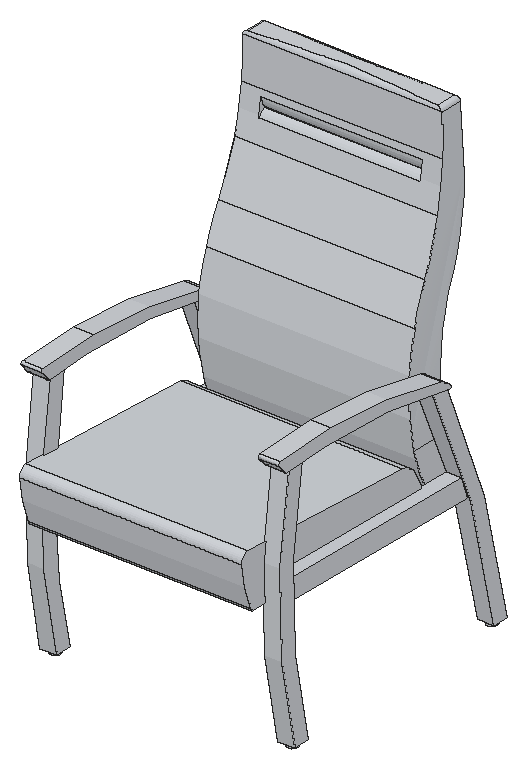
Revit family "Seat-LaZBoy-Koncert_Wood_Visitor-KOW10H", category Furniture, Revit 2017
Family settings
  OmniClass Number = 23.40.20.00
  Work Plane-Based = No
  Always vertical = Yes
  Cut with Voids When Loaded = No
  Shared = No
  Room Calculation Point = No
Parameters (values of type "Urethane Arm Caps")
  Width = 24.50"  # constant formula
  URL = "https://www.la-z-boy.com/"
  Seat Material [instance] = none
  Product Documentation Link = "URL"
  Model = "KOW10HU"
  Manufacturer = "LaZBoy"
  Height = 45.00"  # constant formula
  Description = "Lounge High Back Chair with Urethane Arm Caps"
  Depth = 29.50"  # constant formula
  Copyright © = "Inc"
  Back Material [instance] = none
  Assembly Code = "E2020200"
  Armcap Material [instance] = none
  Arm Material [instance] = none
Types (2): name | Model | Description
  Wood Arm Caps | "KOW10H" | "Lounge High Back Chair with Wood Arm Caps"
  Urethane Arm Caps | "KOW10HU" | "Lounge High Back Chair with Urethane Arm Caps"
Reference planes (in)
  plane 1 "Center (Front/Back)": y = 0
  plane 2: z = 0
  plane 3 "Center (Left/Right)": x = 0
  plane 4: y = -14.75
  plane 5: x = 12.25
  plane 6: x = -12.25
  plane 7: y = 14.75
  plane 8 "Backrest": y = 11.65
  plane 9: x = -10.54687
  plane 10: x = 10.54687
  plane 11: z = 45
  plane 12: z = 45
Forms (in)
  Extrusion 1, solid, material <- "Seat Material"
    sketch origin (0, 0, 0) x (0, 1, 0) y (0, 0, 1)
      loop
        line (-11.58915, 13.13496) -> (5.41112, 13.15365)
        arc (5.41112, 13.15365) -> (6.11752, 13.44693) -> (6.41002, 14.15365) r 1
        line (6.41002, 14.15365) -> (6.41002, 14.73145)
        arc (6.41002, 14.73145) -> (6.39539, 14.89442) -> (6.33835, 15.04779) r 0.61599
        line (6.33835, 15.04779) -> (5.75093, 16.15116)
        arc (5.75093, 16.15116) -> (5.17297, 16.80408) -> (4.36175, 17.12388) r 1.86969
        arc (4.36175, 17.12388) -> (-4.82518, 18.03461) -> (-14.05595, 18.18337) r 111.66931
        arc (-14.05595, 18.18337) -> (-14.60321, 17.92548) -> (-14.78207, 17.34754) r 0.75
        arc (-14.78207, 17.34754) -> (-14.39179, 15.18523) -> (-13.73053, 13.08985) r 17.29656
        arc (-13.73053, 13.08985) -> (-13.58361, 12.90425) -> (-13.35749, 12.83421) r 0.4
        line (-13.35749, 12.83421) -> (-11.58915, 12.83421) -> (-11.58915, 13.13496)
    from -10.54687 to 10.54687
  Extrusion 2, void
    sketch origin (0, 0, 0) x (1, 0, 0) y (0, 0, 1)
      loop
        line (-10.04687, 10.55981) -> (-10.04687, 17.53949)
        spline (-10.04687, 17.53949) -> (-10.04351, 18.85871) -> (-10.03308, 20.18869) -> (-10.01511, 21.57627) -> (-9.98909, 23.06832) -> (-9.95455, 24.71167) -> (-9.911, 26.55318) -> (-9.85794, 28.63971) -> (-9.79488, 31.01809) -> (-9.72134, 33.73519) -> (-9.63683, 36.83785) -> (-9.54086, 40.37292) -> (-9.43293, 44.38726)
        arc (-9.43293, 44.38726) -> (-9.30327, 44.70029) -> (-8.99023, 44.82995) r 0.4427
        arc (-8.99023, 44.82995) -> (0, 45) -> (8.99023, 44.82995) r 237.73778
        arc (8.99023, 44.82995) -> (9.30327, 44.70029) -> (9.43293, 44.38726) r 0.4427
        spline (9.43293, 44.38726) -> (9.54086, 40.37292) -> (9.63683, 36.83785) -> (9.72134, 33.73519) -> (9.79488, 31.01809) -> (9.85794, 28.63971) -> (9.911, 26.55318) -> (9.95455, 24.71167) -> (9.98909, 23.06832) -> (10.01511, 21.57627) -> (10.03308, 20.18869) -> (10.04351, 18.85871) -> (10.04687, 17.53949)
        line (10.04687, 17.53949) -> (10.04687, 10.8892) -> (18, 10.8892) -> (18, 51.79727) -> (-18.375, 51.79727) -> (-18.375, 10.55981) -> (-10.04687, 10.55981)
    from -17.49229 to 0
  Extrusion 3, solid, material <- "Back Material"
    sketch origin (0, 0, 0) x (0, 1, 0) y (0, 0, 1)
      loop
        line (12.00391, 45) -> (10.79614, 45)
        arc (10.79614, 45) -> (10.43411, 44.84487) -> (10.29673, 44.47574) r 0.5
        arc (10.29673, 44.47574) -> (10.34492, 42.47475) -> (10.29524, 40.4738) r 40.93344
        arc (10.29524, 40.4738) -> (10.06317, 38.23251) -> (9.59129, 36.0292) r 20.91149
        arc (9.59129, 36.0292) -> (8.83107, 33.64217) -> (7.86661, 31.33011) r 28.84547
        arc (7.86661, 31.33011) -> (7.13152, 29.60388) -> (6.52273, 27.82918) r 26.02244
        arc (6.52273, 27.82918) -> (5.77742, 20.41923) -> (7.89324, 13.27877) r 19.29952
        arc (7.89324, 13.27877) -> (8.2614, 12.88703) -> (8.7792, 12.74253) r 1
        line (8.7792, 12.74253) -> (11.19016, 12.74253)
        arc (11.19016, 12.74253) -> (11.39443, 12.84841) -> (11.42568, 13.07636) r 0.25
        arc (11.42568, 13.07636) -> (10.1257, 16.56793) -> (9.45882, 20.23349) r 21.14135
        arc (9.45882, 20.23349) -> (9.63897, 25.50399) -> (11.12654, 30.56341) r 20.9992
        arc (11.12654, 30.56341) -> (12.2995, 34.23341) -> (12.70067, 38.06536) r 18.82453
        arc (12.70067, 38.06536) -> (12.65413, 41.30001) -> (12.50292, 44.53145) r 99.94547
        arc (12.50292, 44.53145) -> (12.34616, 44.8645) -> (12.00391, 45) r 0.5
    from -16.75 to 16.75
  Extrusion 4, void
    sketch origin (0, 0, 0) x (0, 1, 0) y (0, 0, 1)
      loop
        line (10.6419, 38.7272) -> (10.6419, 38.7776)
        arc (10.6419, 38.7776) -> (10.31024, 39.40498) -> (10.25868, 40.11274) r 1.72819
        line (10.25868, 40.11274) -> (9.6641, 40.27206) -> (9.21095, 37.94273) -> (9.9533, 37.79831)
        arc (9.9533, 37.79831) -> (10.20244, 38.3333) -> (10.6419, 38.7272) r 1.4701
    from -7.67351 to 7.67351
Cuts and joins
  Extrusion 2, Extrusion 4 cuts Extrusion 3
Lines and regions (in)
  Masking region 1
    outline origin (4.51563, 0, 0) x (1, 0, 0) y (0, 1, 0)
      loop
        line (-15.0625, 6.41458) -> (-15.0625, -14.23035)
        arc (-15.0625, -14.23035) -> (-14.9103, -14.5978) -> (-14.54285, -14.75) r 0.51965
        line (-14.54285, -14.75) -> (5.5116, -14.75)
        arc (5.5116, -14.75) -> (5.87905, -14.5978) -> (6.03125, -14.23035) r 0.51965
        line (6.03125, -14.23035) -> (6.03125, 6.41458)
        arc (6.03125, 6.41458) -> (5.95455, 6.67516) -> (5.74892, 6.85265) r 0.48104
        line (5.74892, 6.85265) -> (5.74892, 10.98963)
        arc (5.74892, 10.98963) -> (5.68842, 11.26707) -> (5.5179, 11.49414) r 0.66639
        arc (5.5179, 11.49414) -> (5.45011, 12.04956) -> (5.35154, 12.60035) r 10.05987
        arc (5.35154, 12.60035) -> (5.30771, 12.67242) -> (5.22822, 12.70067) r 0.12595
        line (5.22822, 12.70067) -> (-14.25947, 12.70067)
        arc (-14.25947, 12.70067) -> (-14.33896, 12.67242) -> (-14.38279, 12.60035) r 0.12595
        arc (-14.38279, 12.60035) -> (-14.48136, 12.04956) -> (-14.54915, 11.49414) r 10.05987
        arc (-14.54915, 11.49414) -> (-14.71967, 11.26707) -> (-14.78017, 10.98963) r 0.66639
        line (-14.78017, 10.98963) -> (-14.78017, 6.85265)
        arc (-14.78017, 6.85265) -> (-14.9858, 6.67516) -> (-15.0625, 6.41458) r 0.48104
  symbolic lines, detail levels medium+fine
    curve 1: line (-10.03352, 11.49414, 0) -> (-10.27138, 6.7154, 0)
    curve 2: line (-9.27262, 5.66569, 0) -> (9.27262, 5.66569, 0)
    curve 3: arc (-10.27138, 6.7154, 0) -> (-9.99709, 5.97638, 0) -> (-9.27262, 5.66569, 0) r 1
    curve 4: line (10.03352, 11.49414, 0) -> (10.27138, 6.7154, 0)
    curve 5: arc (10.27138, 6.7154, 0) -> (9.99709, 5.97638, 0) -> (9.27262, 5.66569, 0) r 1
Dimensions and locks (in)
  equal spacing: plane 6, plane 3 "Center (Left/Right)", plane 5
  "Width": plane 6 to plane 5
  equal spacing: plane 7, plane 1 "Center (Front/Back)", plane 4
  "Depth": plane 4 to plane 7
  plane 6 to plane 9 = 1.70313"
  locked: plane 10 to plane 5 at 1.70313
  locked: plane 8 "Backrest" to plane 7 at 3.1
  plane 11 to plane 2 = 45.00"
  "Height": plane 12 to plane 2
  equal spacing: cut or joined group of Extrusion 2, Extrusion 3, Extrusion 4, plane 3 "Center (Left/Right)", cut or joined group of Extrusion 2, Extrusion 3, Extrusion 4
  aligned and locked: level to plane 2
  aligned and locked: plane 3 "Center (Left/Right)" to nested 1
  aligned and locked: plane 1 "Center (Front/Back)" to nested 1
  aligned and locked: plane 7 to nested 2
  aligned and locked: nested 2 to plane 6
  aligned and locked: plane 5 to nested 3
  aligned and locked: nested 3 to plane 7
  aligned and locked: plane 10 to Extrusion 1
  aligned and locked: plane 9 to Extrusion 1
Automatic sketch dimensions
  Extrusion 1 sketch curve to plane 4 = 0.71298"
  Extrusion 1 sketch curve to plane 4 = 1.39251"
  Extrusion 1 sketch curve to Extrusion 1 sketch curve = 1.76835"
  Extrusion 1 sketch curve to plane 4 = 3.51155"
  Extrusion 1 sketch curve to plane 1 "Center (Front/Back)" = 2.40023"
  Extrusion 1 sketch curve to plane 1 "Center (Front/Back)" = 4.10055"
  Extrusion 1 sketch curve to Extrusion 1 sketch curve = 1.30947"
  Extrusion 1 sketch curve to Extrusion 1 sketch curve = 0.0011"
  Extrusion 1 sketch curve to Extrusion 1 sketch curve = 1.65037"
  Extrusion 1 sketch curve to Extrusion 1 sketch curve = 0.3846"
  Extrusion 1 sketch curve to Extrusion 1 sketch curve = 0.54373"
  Extrusion 1 sketch curve to Extrusion 1 sketch curve = 0.07167"
  Extrusion 1 sketch curve to level = 93.45039"
  level to Extrusion 1 sketch curve = 12.83421"
  Extrusion 1 sketch curve to Extrusion 1 sketch curve = 0.30074"
  level to Extrusion 1 sketch curve = 13.15365"
  Extrusion 1 sketch curve to Extrusion 1 sketch curve = 0.40"
  Extrusion 1 sketch curve to Extrusion 1 sketch curve = 0.5778"
  Extrusion 1 sketch curve to Extrusion 1 sketch curve = 0.02687"
  Extrusion 1 sketch curve to Extrusion 1 sketch curve = 1.11887"
  Extrusion 1 sketch curve to Extrusion 1 sketch curve = 1.10337"
  Extrusion 1 sketch curve to Extrusion 1 sketch curve = 4.1994"
  Extrusion 1 sketch curve to Extrusion 1 sketch curve = 2.20853"
  Extrusion 1 sketch curve to plane 4 = 0.69405"
  Extrusion 1 sketch curve to Extrusion 1 sketch curve = 0.00"  (x2)
  plane 8 "Backrest" to Extrusion 4 sketch curve = 2.43905"
  plane 8 "Backrest" to Extrusion 4 sketch curve = 1.9859"
  Extrusion 4 sketch curve to Extrusion 4 sketch curve = 0.74235"
  Extrusion 4 sketch curve to Extrusion 4 sketch curve = 0.59458"
  plane 8 "Backrest" to Extrusion 4 sketch curve = 1.0081"
  plane 8 "Backrest" to Extrusion 4 sketch curve = 0.26658"
  Extrusion 4 sketch curve to plane 8 "Backrest" = 0.32136"
  Extrusion 4 sketch curve to plane 12 = 7.54218"
  Extrusion 4 sketch curve to Extrusion 4 sketch curve = 0.34049"
  Extrusion 4 sketch curve to Extrusion 4 sketch curve = 0.14442"
  Extrusion 4 sketch curve to Extrusion 4 sketch curve = 0.0504"
  Extrusion 4 sketch curve to Extrusion 4 sketch curve = 1.10415"
  curve 1 to plane 9 = 0.2755"
  curve 3 to curve 3 = 0.99876"
  curve 5 to plane 10 = 1.27426"
  curve 4 to plane 10 = 0.2755"
  curve 2 to plane 1 "Center (Front/Back)" = 5.66569"
  curve 2 to curve 3 = 1.00"
  curve 5 to curve 5 = 1.00"
  plane 8 "Backrest" to curve 1 = 0.15586"
  curve 1 to plane 9 = 0.51335"
  plane 8 "Backrest" to curve 4 = 0.15586"
  curve 4 to plane 10 = 0.51335"
  plane 3 "Center (Left/Right)" to Extrusion 2 sketch curve = 0.00"
  Extrusion 2 sketch curve to plane 11 = 0.61274"  (x2)
  Extrusion 2 sketch curve to plane 9 = 1.55664"
  Extrusion 2 sketch curve to Extrusion 2 sketch curve = 0.4427"
  Extrusion 2 sketch curve to plane 9 = 0.50"
  Extrusion 2 sketch curve to plane 6 = 6.125"
  Extrusion 2 sketch curve to plane 10 = 1.55664"
  Extrusion 2 sketch curve to plane 10 = 0.50"
  Extrusion 2 sketch curve to plane 5 = 5.75"
  level to Extrusion 2 sketch curve = 17.53949"  (x2)
  Extrusion 2 sketch curve to Extrusion 2 sketch curve = 6.65029"
  Extrusion 2 sketch curve to Extrusion 2 sketch curve = 6.97968"
  Extrusion 2 sketch curve to level = 192.73778"
  plane 11 to Extrusion 2 sketch curve = 6.79727"
  Masking region 1 sketch curve to plane 9 = 0.00"
  plane 4 to Masking region 1 sketch curve = 0.00"
  Masking region 1 sketch curve to plane 10 = 0.00"
  Masking region 1 sketch curve to plane 9 = 0.28233"
  Masking region 1 sketch curve to Masking region 1 sketch curve = 0.48104"  (x2)
  Masking region 1 sketch curve to plane 9 = 0.51965"
  Masking region 1 sketch curve to plane 9 = 0.80303"
  Masking region 1 sketch curve to Masking region 1 sketch curve = 0.66639"
  Masking region 1 sketch curve to plane 3 "Center (Left/Right)" = 0.01772"
  plane 3 "Center (Left/Right)" to Masking region 1 sketch curve = 0.01772"
  Masking region 1 sketch curve to plane 10 = 0.94871"
  Masking region 1 sketch curve to plane 10 = 0.80303"
  Masking region 1 sketch curve to Masking region 1 sketch curve = 0.51965"
  Masking region 1 sketch curve to plane 10 = 0.28233"
  plane 8 "Backrest" to Masking region 1 sketch curve = 5.23542"  (x2)
  plane 8 "Backrest" to Masking region 1 sketch curve = 1.09646"
  Masking region 1 sketch curve to Masking region 1 sketch curve = 0.00"  (x2)
  plane 8 "Backrest" to Masking region 1 sketch curve = 0.66037"  (x2)
  Masking region 1 sketch curve to plane 8 "Backrest" = 0.92472"  (x2)
  Masking region 1 sketch curve to Masking region 1 sketch curve = 0.12595"
  plane 8 "Backrest" to Masking region 1 sketch curve = 0.15586"
  Extrusion 3 sketch curve to plane 12 = 0.00"
  Extrusion 3 sketch curve to plane 12 = 6.75519"
  plane 4 to Extrusion 3 sketch curve = 72.49464"
  Extrusion 3 sketch curve to plane 12 = 2.51004"
  plane 4 to Extrusion 3 sketch curve = 15.83851"
  Extrusion 3 sketch curve to plane 12 = 1.41911"
  plane 4 to Extrusion 3 sketch curve = 3.49813"
  Extrusion 3 sketch curve to plane 4 = 4.15914"
  Extrusion 3 sketch curve to Extrusion 3 sketch curve = 4.46704"
  plane 8 "Backrest" to Extrusion 3 sketch curve = 2.8708"
  plane 8 "Backrest" to Extrusion 3 sketch curve = 0.85386"
  plane 8 "Backrest" to Extrusion 3 sketch curve = 0.45984"
  Extrusion 3 sketch curve to plane 8 "Backrest" = 0.35391"
  plane 7 to Extrusion 3 sketch curve = 10.2419"
  Extrusion 3 sketch curve to Extrusion 3 sketch curve = 5.37784"
  Extrusion 3 sketch curve to Extrusion 3 sketch curve = 0.14155"
  Extrusion 3 sketch curve to Extrusion 3 sketch curve = 0.91428"
  Extrusion 3 sketch curve to plane 12 = 6.90084"
  Extrusion 3 sketch curve to Extrusion 3 sketch curve = 0.05894"
  Extrusion 3 sketch curve to Extrusion 3 sketch curve = 0.01302"
  Extrusion 3 sketch curve to Extrusion 3 sketch curve = 1.89184"
  Extrusion 3 sketch curve to Extrusion 3 sketch curve = 0.75"
  Extrusion 3 sketch curve to Extrusion 3 sketch curve = 0.25"
  Extrusion 3 sketch curve to Extrusion 3 sketch curve = 3.40463"
  Extrusion 3 sketch curve to Extrusion 3 sketch curve = 0.50"  (x2)
  plane 8 "Backrest" to Extrusion 3 sketch curve = 5.12727"
  Extrusion 3 sketch curve to Extrusion 3 sketch curve = 0.00"  (x7)
  plane 8 "Backrest" to Extrusion 3 sketch curve = 2.19118"
  plane 8 "Backrest" to Extrusion 3 sketch curve = 0.52346"
  plane 8 "Backrest" to Extrusion 3 sketch curve = 0.22432"
Nested families (in)
  nested 1: "Label 1-16" at (0, 0, 0), type "Center", detail levels fine
    with Offset (LR) 0.00"
  nested 2: "KOW-Leg" at (-11.28125, 0.05146, 0), type "Standard"
  nested 3: "KOW-Leg" at (11.28125, 0.05146, 0) x (-1, 0, 0) z (0, 0, 1), type "Standard"
Definition of nested family "KOW-Leg"
  Parameters (values of type "Standard")
    URL = ""
    Model = ""
    Manufacturer = ""
    Description = ""
    Assembly Code = "E2020200"
    Armcap Material = none
    Arm Material = none
  Reference planes (in)
    plane 1 "Center (Front/Back)": y = 1.07924
    plane 2: z = 0
    plane 3 "Center (Left/Right)": x = 0
    plane 4: y = 14.69854
    plane 5: y = -12.54007
    plane 6: z = 25.86049
    plane 7: x = -0.96875
    plane 8: x = 0.96875
    plane 9: x = 0.79688
    plane 10: x = -0.79688
  Forms (in)
    Extrusion 1, solid, material <- "Arm Material"
      sketch origin (0, -0.01712, 0) x (0, 1, 0) y (0, 0, 1)
        loop
          line (-10.50535, 0.35749) -> (-8.94909, 0.35749)
          arc (-8.94909, 0.35749) -> (-10.78454, 12.3854) -> (-9.65018, 24.49955) r 49.82702
          arc (-9.65018, 24.49955) -> (-10.43254, 24.43703) -> (-11.21378, 24.36181) r 48.33365
          arc (-11.21378, 24.36181) -> (-12.2832, 12.31763) -> (-10.50535, 0.35749) r 51.32702
        loop
          arc (14.71566, 0.35749) -> (12.00755, 11.95163) -> (7.61982, 23.01987) r 80.54342
          arc (7.61982, 23.01987) -> (6.71703, 23.22827) -> (5.81104, 23.42236) r 58.51808
          arc (5.81104, 23.42236) -> (10.40284, 12.17533) -> (13.21695, 0.35749) r 79.04342
          line (13.21695, 0.35749) -> (14.71566, 0.35749)
      from -0.79688 to 0.79687
    Extrusion 2, solid, material <- "Armcap Material"
      sketch origin (0, 0, 0.375) x (0, 1, 0) y (0, 0, 1)
        loop
          arc (7.66409, 22.63051) -> (7.80964, 22.6856) -> (7.81175, 22.84122) r 0.13828
          arc (7.81175, 22.84122) -> (7.34036, 23.33471) -> (6.72628, 23.63245) r 1.9228
          arc (6.72628, 23.63245) -> (0.24776, 24.9923) -> (-6.35354, 25.48549) r 50.06316
          arc (-6.35354, 25.48549) -> (-9.36566, 25.42828) -> (-12.37013, 25.20617) r 54.97787
          arc (-12.37013, 25.20617) -> (-12.528, 25.08725) -> (-12.49582, 24.89224) r 0.19082
          line (-12.49582, 24.89224) -> (-11.72516, 23.99178)
          arc (-11.72516, 23.99178) -> (-11.67245, 23.95421) -> (-11.60829, 23.94571) r 0.13411
          arc (-11.60829, 23.94571) -> (-9.37896, 24.14428) -> (-7.14283, 24.23943) r 48.33365
          arc (-7.14283, 24.23943) -> (0.31203, 23.90797) -> (7.66409, 22.63051) r 58.51808
      from -0.96875 to 0.96875
    Extrusion 3, solid
      sketch origin (0, 0, 0) x (1, 0, 0) y (0, 1, 0)
        loop
          circle (0, 13.96631) r 0.5
        loop
          circle (0, -9.72722) r 0.5
      from 0 to 0.35749
    Extrusion 4, solid, material <- "Arm Material"
      sketch origin (0, 0, 0) x (0, 1, 0) y (0, 0, 1)
        loop
          arc (-10.81215, 14.85479) -> (-10.82265, 13.85461) -> (-10.81307, 12.85441) r 49.82702
          line (-10.81307, 12.85441) -> (10.30377, 12.42911)
          arc (10.30377, 12.42911) -> (9.96838, 13.4385) -> (9.61943, 14.44329) r 79.04342
          line (9.61943, 14.44329) -> (-10.81215, 14.85479)
      from -0.57813 to 0.79687
  Cuts and joins
    joined: Extrusion 1, Extrusion 4
  Lines and regions (in)
    Masking region 1
      outline origin (0, 0, 0) x (1, 0, 0) y (0, 1, 0)
        loop
          arc (-0.96875, -12.44007) -> (-0.93946, -12.51078) -> (-0.86875, -12.54007) r 0.1
          line (-0.86875, -12.54007) -> (0.86875, -12.54007)
          arc (0.86875, -12.54007) -> (0.93946, -12.51078) -> (0.96875, -12.44007) r 0.1
          line (0.96875, -12.44007) -> (0.96875, 7.75071)
          arc (0.96875, 7.75071) -> (0.93946, 7.82142) -> (0.86875, 7.85071) r 0.1
          line (0.86875, 7.85071) -> (0.79688, 7.85071) -> (0.79688, 14.69854) -> (-0.79688, 14.69854) -> (-0.79688, 7.85071) -> (-0.86875, 7.85071)
          arc (-0.86875, 7.85071) -> (-0.93946, 7.82142) -> (-0.96875, 7.75071) r 0.1
          line (-0.96875, 7.75071) -> (-0.96875, -12.44007)
    symbolic lines
      curve 1: line (-0.79688, 7.85071, 0) -> (0.79688, 7.85071, 0)
  Dimensions and locks (in)
    equal spacing: plane 5, plane 1 "Center (Front/Back)", plane 4
    locked: plane 6 to plane 2 at 25.86049
    equal spacing: plane 7, plane 3 "Center (Left/Right)", plane 8
    locked: plane 9 to plane 8 at 0.17188
    locked: plane 5 to plane 4 at 27.23861
    aligned and locked: level to plane 2
    aligned and locked: plane 3 "Center (Left/Right)" to Extrusion 3 sketch curve
    aligned and locked: Masking region 1 sketch curve to plane 7
    aligned and locked: Masking region 1 sketch curve to plane 8
    aligned and locked: Masking region 1 sketch curve to plane 5
    aligned and locked: Masking region 1 sketch curve to plane 4
    aligned and locked: plane 7 to Extrusion 2
  Automatic sketch dimensions
    Extrusion 1 sketch curve to Extrusion 1 sketch curve = 0.00"  (x3)
    Extrusion 1 sketch curve to level = 11.98962"
    level to Extrusion 1 sketch curve = 0.35749"  (x2)
    Extrusion 1 sketch curve to plane 5 = 2.0176"
    Extrusion 1 sketch curve to Extrusion 1 sketch curve = 1.55626"
    Extrusion 1 sketch curve to plane 5 = 6.33196"
    Extrusion 1 sketch curve to plane 5 = 6.52923"
    Extrusion 1 sketch curve to plane 4 = 1.4987"
    Extrusion 1 sketch curve to plane 4 = 0.00"
    Extrusion 1 sketch curve to plane 6 = 12.02872"
    Extrusion 1 sketch curve to Extrusion 1 sketch curve = 0.1256"
    Extrusion 1 sketch curve to Extrusion 1 sketch curve = 10.18252"
    Extrusion 1 sketch curve to plane 5 = 1.30917"
    Extrusion 1 sketch curve to Extrusion 1 sketch curve = 15.46123"
    Extrusion 1 sketch curve to plane 6 = 2.43813"
    Extrusion 1 sketch curve to plane 6 = 1.36094"
    Extrusion 1 sketch curve to Extrusion 1 sketch curve = 1.80878"
    Extrusion 2 sketch curve to plane 6 = 0.00"  (x2)
    Extrusion 2 sketch curve to plane 5 = 0.04424"
    Extrusion 2 sketch curve to Extrusion 2 sketch curve = 0.14498"
    Extrusion 2 sketch curve to plane 5 = 0.8149"
    Extrusion 2 sketch curve to Extrusion 2 sketch curve = 0.10189"
    Extrusion 2 sketch curve to plane 5 = 5.72407"
    Extrusion 2 sketch curve to Extrusion 2 sketch curve = 0.04134"
    Extrusion 2 sketch curve to Extrusion 2 sketch curve = 0.56804"
    Extrusion 2 sketch curve to Extrusion 2 sketch curve = 0.80665"
    Extrusion 2 sketch curve to plane 1 "Center (Front/Back)" = 5.1285"
    Extrusion 2 sketch curve to Extrusion 2 sketch curve = 1.48866"
    Extrusion 2 sketch curve to plane 6 = 0.46917"
    Extrusion 2 sketch curve to Extrusion 2 sketch curve = 0.12408"
    Extrusion 2 sketch curve to Extrusion 2 sketch curve = 0.93734"
    Extrusion 2 sketch curve to Extrusion 2 sketch curve = 0.0872"
    Extrusion 2 sketch curve to plane 6 = 2.72053"
    Extrusion 2 sketch curve to Extrusion 2 sketch curve = 0.98407"
    Extrusion 2 sketch curve to level = 23.71015"
    Extrusion 2 sketch curve to Extrusion 2 sketch curve = 0.49075"
    Extrusion 2 sketch curve to Extrusion 2 sketch curve = 4.91454"
    Extrusion 2 sketch curve to Extrusion 2 sketch curve = 4.77724"
    Extrusion 2 sketch curve to Extrusion 2 sketch curve = 0.00"  (x4)
    Extrusion 3 sketch curve to plane 3 "Center (Left/Right)" = 0.00"
    Extrusion 3 sketch curve to plane 5 = 2.81284"
    Extrusion 3 sketch curve to plane 4 = 0.73224"
    Extrusion 4 sketch curve to plane 4 = 4.39477"
    Extrusion 4 sketch curve to Extrusion 4 sketch curve = 0.68434"
    Extrusion 4 sketch curve to Extrusion 4 sketch curve = 2.01419"
    Extrusion 4 sketch curve to plane 5 = 1.72791"
    curve 1 to plane 9 = 0.00"
    curve 1 to plane 1 "Center (Front/Back)" = 6.77147"
    curve 1 to plane 7 = 0.17187"
    Masking region 1 sketch curve to plane 9 = 0.00"
    Masking region 1 sketch curve to plane 7 = 0.10"
    Masking region 1 sketch curve to Masking region 1 sketch curve = 0.10"  (x2)
    Masking region 1 sketch curve to plane 7 = 0.17187"
    Masking region 1 sketch curve to plane 9 = 0.07188"  (x2)
    Masking region 1 sketch curve to plane 1 "Center (Front/Back)" = 6.67147"
    level to Extrusion 4 sketch curve = 12.42911"
    Extrusion 4 sketch curve to plane 5 = 1.72699"
    Extrusion 4 sketch curve to Extrusion 4 sketch curve = 2.00039"
    Extrusion 4 sketch curve to plane 6 = 12.02872"
    Extrusion 4 sketch curve to plane 6 = 11.0057"
    Extrusion 4 sketch curve to level = 11.98962"
    radius of Extrusion 3 sketch curve = 0.50"  (x2)
Definition of nested family "Label 1-16"
  Parameters (values of type "Center")
    P_Width = 0.00"
    Text_Width = "Empty"
    Text_Height = "Empty"
    Text_Diameter = "Empty"
    Text_Depth = "Empty"
    Offset (LR) [instance] = 0.00"
    Model Name = "6961"
    P_Height = 0.00"
    Distance of Center (not Change) = 0.00"
    P_Diameter = 0.00"
    P_Depth = 0.00"
  Reference planes (in)
    plane 1: y = 0
    plane 2: x = 0
  Lines and regions (in)
    reference lines
      curve 1: line (-0.44359, 0, 0) -> (0.41085, 0, 0)
      curve 3: line (0, 0.32564, 0) -> (0, -0.40221, 0)
    reference lines, not visible
      curve 2: line (-0.44359, 0.09843, 0) -> (0.41085, 0.09843, 0)
      curve 4: line (0, 0.42407, 0) -> (0, -0.30379, 0)
  Text (in)
    label "Empty" at (0.00197, -0.0079, 0), shows "Model Name"
    label "Empty" at (0.00197, 0.09052, 0), shows "Model Name", not visible
  Dimensions and locks (in)
    "Distance of Center (not Change)": plane 1 to curve 1
    "Offset (LR)": curve 3 to plane 2
  Automatic sketch dimensions
    curve 1 to curve 3 = 0.44359"
    curve 3 to curve 1 = 0.41085"
    curve 3 to curve 1 = 0.40221"
    curve 1 to curve 3 = 0.32564"
    curve 2 to curve 4 = 0.44359"
    curve 4 to curve 2 = 0.41085"
    curve 4 to curve 2 = 0.40221"
    curve 2 to curve 4 = 0.32564"
